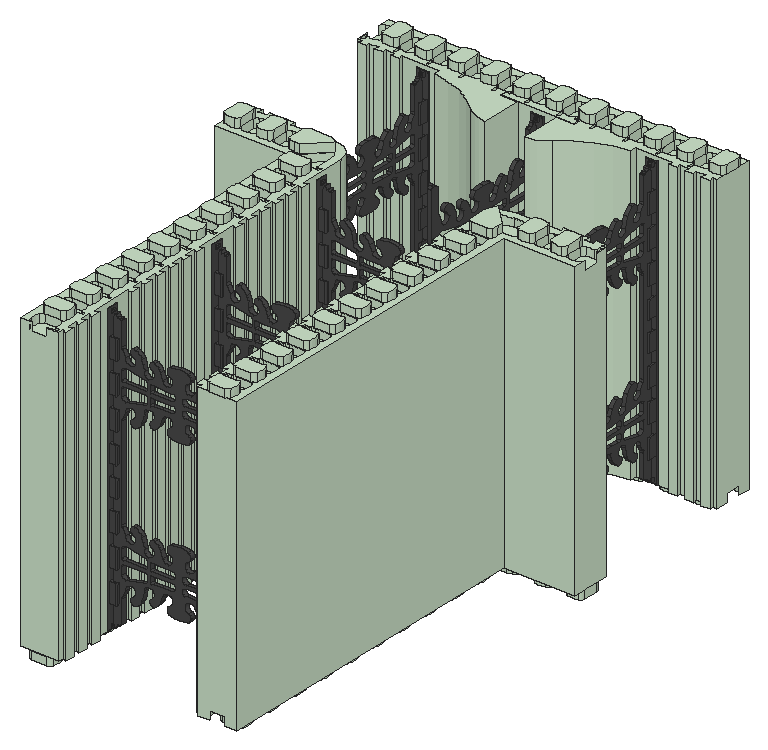
Revit family "ICF- NUDURA 8-inch- Long T Form Unit- Imperial", category Generic Models, Revit 2011 (continued)
Definition of nested family "8-inch Insert Web"
  Forms (in)
    Extrusion 2, solid, material "High Density Polystyrene"
      sketch origin (0, 0, 0) x (0, 1, 0) y (0, 0, 1)
        loop
          line (-4.12543, 17.57204) -> (-4.19457, 17.61045)
          arc (-4.19457, 17.61045) -> (-4.20585, 17.62147) -> (-4.21, 17.63668) r 0.03
          line (-4.21, 17.63668) -> (-4.21, 17.38789)
          arc (-4.21, 17.38789) -> (-4.20374, 17.40241) -> (-4.18889, 17.40785) r 0.02
          line (-4.18889, 17.40785) -> (-4.13111, 17.40464)
          arc (-4.13111, 17.40464) -> (-4.11625, 17.41008) -> (-4.11, 17.42461) r 0.02
          line (-4.11, 17.42461) -> (-4.11, 17.54582)
          arc (-4.11, 17.54582) -> (-4.11414, 17.56103) -> (-4.12543, 17.57204) r 0.03
        loop
          line (-3.5, 17.20772) -> (-3.6, 17.20772) -> (-3.6, 17.2388)
          arc (-3.6, 17.2388) -> (-3.61433, 17.27339) -> (-3.64893, 17.28772) r 0.04893
          line (-3.64893, 17.28772) -> (-3.77609, 17.28772) -> (-3.825, 17.43772)
          arc (-3.825, 17.43772) -> (-3.875, 17.46772) -> (-3.925, 17.43772) r 0.05667
          line (-3.925, 17.43772) -> (-4, 17.20772) -> (-4, 0.53811) -> (-3.925, 0.30811)
          arc (-3.925, 0.30811) -> (-3.875, 0.27811) -> (-3.825, 0.30811) r 0.05667
          line (-3.825, 0.30811) -> (-3.77609, 0.45811) -> (-3.64893, 0.45811)
          arc (-3.64893, 0.45811) -> (-3.61433, 0.47244) -> (-3.6, 0.50703) r 0.04893
          line (-3.6, 0.50703) -> (-3.6, 0.53811) -> (-3.5, 0.53811) -> (-3.5, 1.98988)
          arc (-3.5, 1.98988) -> (-3.48945, 2.05625) -> (-3.45885, 2.11607) r 0.21407
          arc (-3.45885, 2.11607) -> (-3.34445, 2.29893) -> (-3.25724, 2.49621) r 1.51187
          arc (-3.25724, 2.49621) -> (-2.80567, 2.83663) -> (-2.82334, 2.2714) r 0.31353
          arc (-2.82334, 2.2714) -> (-2.94589, 1.98542) -> (-2.65991, 1.86287) r 0.22
          arc (-2.65991, 1.86287) -> (-2.42226, 2.01561) -> (-2.26768, 2.25208) r 0.67666
          arc (-2.26768, 2.25208) -> (-2.17842, 2.56138) -> (-2.13199, 2.87994) r 2.36477
          arc (-2.13199, 2.87994) -> (-1.64652, 3.12692) -> (-1.68105, 2.58333) r 0.31353
          arc (-1.68105, 2.58333) -> (-1.75958, 2.29597) -> (-1.47754, 2.20007) r 0.21738
          arc (-1.47754, 2.20007) -> (-1.27285, 2.35346) -> (-1.13163, 2.56673) r 0.74993
          line (-1.13163, 2.56673) -> (-0.98899, 2.95357)
          arc (-0.98899, 2.95357) -> (-0.48331, 3.1217) -> (-0.55745, 2.59398) r 0.31353
          arc (-0.55745, 2.59398) -> (-0.73367, 2.32998) -> (-0.53434, 2.08295) r 0.26801
          arc (-0.53434, 2.08295) -> (-0.26951, 2.03203) -> (0, 2.02231) r 1.75402
          arc (0, 2.02231) -> (0.26951, 2.03203) -> (0.53434, 2.08295) r 1.75402
          arc (0.53434, 2.08295) -> (0.73367, 2.32998) -> (0.55745, 2.59398) r 0.26801
          arc (0.55745, 2.59398) -> (0.48331, 3.1217) -> (0.98899, 2.95357) r 0.31353
          line (0.98899, 2.95357) -> (1.13163, 2.56673)
          arc (1.13163, 2.56673) -> (1.27285, 2.35346) -> (1.47754, 2.20007) r 0.74993
          arc (1.47754, 2.20007) -> (1.75958, 2.29597) -> (1.68105, 2.58333) r 0.21738
          arc (1.68105, 2.58333) -> (1.64652, 3.12692) -> (2.13199, 2.87994) r 0.31353
          arc (2.13199, 2.87994) -> (2.17842, 2.56138) -> (2.26768, 2.25208) r 2.36477
          arc (2.26768, 2.25208) -> (2.42226, 2.01561) -> (2.65991, 1.86287) r 0.67666
          arc (2.65991, 1.86287) -> (2.94589, 1.98542) -> (2.82334, 2.2714) r 0.22
          arc (2.82334, 2.2714) -> (2.80567, 2.83663) -> (3.25724, 2.49621) r 0.31353
          arc (3.25724, 2.49621) -> (3.34445, 2.29893) -> (3.45885, 2.11607) r 1.51187
          arc (3.45885, 2.11607) -> (3.48945, 2.05625) -> (3.5, 1.98988) r 0.21407
          line (3.5, 1.98988) -> (3.5, 0.53811) -> (3.6, 0.53811) -> (3.6, 0.50703)
          arc (3.6, 0.50703) -> (3.61433, 0.47244) -> (3.64893, 0.45811) r 0.04893
          line (3.64893, 0.45811) -> (3.77609, 0.45811) -> (3.825, 0.30811)
          arc (3.825, 0.30811) -> (3.875, 0.27811) -> (3.925, 0.30811) r 0.05667
          line (3.925, 0.30811) -> (4, 0.53811) -> (4, 17.20772) -> (3.925, 17.43772)
          arc (3.925, 17.43772) -> (3.875, 17.46772) -> (3.825, 17.43772) r 0.05667
          line (3.825, 17.43772) -> (3.77609, 17.28772) -> (3.64893, 17.28772)
          arc (3.64893, 17.28772) -> (3.61433, 17.27339) -> (3.6, 17.2388) r 0.04893
          line (3.6, 17.2388) -> (3.6, 17.20772) -> (3.5, 17.20772) -> (3.5, 15.75595)
          arc (3.5, 15.75595) -> (3.48945, 15.68959) -> (3.45885, 15.62976) r 0.21407
          arc (3.45885, 15.62976) -> (3.34445, 15.4469) -> (3.25724, 15.24962) r 1.51187
          arc (3.25724, 15.24962) -> (2.80567, 14.9092) -> (2.82334, 15.47443) r 0.31353
          arc (2.82334, 15.47443) -> (2.94589, 15.76041) -> (2.65991, 15.88296) r 0.22
          arc (2.65991, 15.88296) -> (2.42226, 15.73022) -> (2.26768, 15.49376) r 0.67666
          arc (2.26768, 15.49376) -> (2.17842, 15.18445) -> (2.13199, 14.86589) r 2.36477
          arc (2.13199, 14.86589) -> (1.64652, 14.61891) -> (1.68105, 15.1625) r 0.31353
          arc (1.68105, 15.1625) -> (1.75958, 15.44986) -> (1.47754, 15.54576) r 0.21738
          arc (1.47754, 15.54576) -> (1.27285, 15.39237) -> (1.13163, 15.1791) r 0.74993
          line (1.13163, 15.1791) -> (0.98899, 14.79226)
          arc (0.98899, 14.79226) -> (0.48331, 14.62413) -> (0.55745, 15.15185) r 0.31353
          arc (0.55745, 15.15185) -> (0.73367, 15.41586) -> (0.53434, 15.66289) r 0.26801
          arc (0.53434, 15.66289) -> (0.26951, 15.7138) -> (0, 15.72352) r 1.75402
          arc (0, 15.72352) -> (-0.26951, 15.7138) -> (-0.53434, 15.66289) r 1.75402
          arc (-0.53434, 15.66289) -> (-0.73367, 15.41586) -> (-0.55745, 15.15185) r 0.26801
          arc (-0.55745, 15.15185) -> (-0.48331, 14.62413) -> (-0.98899, 14.79226) r 0.31353
          line (-0.98899, 14.79226) -> (-1.13163, 15.1791)
          arc (-1.13163, 15.1791) -> (-1.27285, 15.39237) -> (-1.47754, 15.54576) r 0.74993
          arc (-1.47754, 15.54576) -> (-1.75958, 15.44986) -> (-1.68105, 15.1625) r 0.21738
          arc (-1.68105, 15.1625) -> (-1.64652, 14.61891) -> (-2.13199, 14.86589) r 0.31353
          arc (-2.13199, 14.86589) -> (-2.17842, 15.18445) -> (-2.26768, 15.49376) r 2.36477
          arc (-2.26768, 15.49376) -> (-2.42226, 15.73022) -> (-2.65991, 15.88296) r 0.67666
          arc (-2.65991, 15.88296) -> (-2.94589, 15.76041) -> (-2.82334, 15.47443) r 0.22
          arc (-2.82334, 15.47443) -> (-2.80567, 14.9092) -> (-3.25724, 15.24962) r 0.31353
          arc (-3.25724, 15.24962) -> (-3.34445, 15.4469) -> (-3.45885, 15.62976) r 1.51187
          arc (-3.45885, 15.62976) -> (-3.48945, 15.68959) -> (-3.5, 15.75595) r 0.21407
          line (-3.5, 15.75595) -> (-3.5, 17.20772)
        loop
          line (-0.4326, 14.30833) -> (-1.07948, 14.30833)
          arc (-1.07948, 14.30833) -> (-1.36148, 14.32119) -> (-1.641, 14.36065) r 2.98393
          arc (-1.641, 14.36065) -> (-1.72343, 14.33942) -> (-1.75965, 14.2624) r 0.1
          line (-1.75965, 14.2624) -> (-1.75965, 13.93969)
          arc (-1.75965, 13.93969) -> (-1.73036, 13.86898) -> (-1.65965, 13.83969) r 0.1
          line (-1.65965, 13.83969) -> (-0.4326, 13.83969)
          arc (-0.4326, 13.83969) -> (-0.19828, 14.07401) -> (-0.4326, 14.30833) r 0.23432
        loop
          arc (-3.26707, 14.68606) -> (-3.43178, 14.61783) -> (-3.5, 14.45313) r 0.23293
          line (-3.5, 14.45313) -> (-3.5, 13.99143)
          arc (-3.5, 13.99143) -> (-3.45556, 13.88413) -> (-3.34826, 13.83969) r 0.15174
          line (-3.34826, 13.83969) -> (-2.01208, 13.83969)
          arc (-2.01208, 13.83969) -> (-1.94141, 13.869) -> (-1.91215, 13.93969) r 0.1
          line (-1.91215, 13.93969) -> (-1.91215, 14.32445)
          arc (-1.91215, 14.32445) -> (-1.93534, 14.38849) -> (-1.99415, 14.42282) r 0.1
          arc (-1.99415, 14.42282) -> (-2.63213, 14.54712) -> (-3.26707, 14.68606) r 28.25303
        loop
          arc (-2.82334, 12.01745) -> (-2.80567, 12.58268) -> (-3.25724, 12.24227) r 0.31353
          arc (-3.25724, 12.24227) -> (-3.34445, 12.04498) -> (-3.45885, 11.86212) r 1.51187
          arc (-3.45885, 11.86212) -> (-3.48945, 11.8023) -> (-3.5, 11.73593) r 0.21407
          line (-3.5, 11.73593) -> (-3.5, 6.0099)
          arc (-3.5, 6.0099) -> (-3.48945, 5.94354) -> (-3.45885, 5.88371) r 0.21407
          arc (-3.45885, 5.88371) -> (-3.34445, 5.70085) -> (-3.25724, 5.50357) r 1.51187
          arc (-3.25724, 5.50357) -> (-2.80567, 5.16315) -> (-2.82334, 5.72838) r 0.31353
          arc (-2.82334, 5.72838) -> (-2.94589, 6.01436) -> (-2.65991, 6.13691) r 0.22
          arc (-2.65991, 6.13691) -> (-2.42226, 5.98417) -> (-2.26768, 5.74771) r 0.67666
          arc (-2.26768, 5.74771) -> (-2.17842, 5.4384) -> (-2.13199, 5.11984) r 2.36477
          arc (-2.13199, 5.11984) -> (-1.64652, 4.87286) -> (-1.68105, 5.41645) r 0.31353
          arc (-1.68105, 5.41645) -> (-1.75958, 5.70381) -> (-1.47754, 5.79971) r 0.21738
          arc (-1.47754, 5.79971) -> (-1.27285, 5.64632) -> (-1.13163, 5.43305) r 0.74993
          line (-1.13163, 5.43305) -> (-0.98899, 5.04621)
          arc (-0.98899, 5.04621) -> (-0.48331, 4.87808) -> (-0.55745, 5.4058) r 0.31353
          arc (-0.55745, 5.4058) -> (-0.73367, 5.66981) -> (-0.53434, 5.91684) r 0.26801
          arc (-0.53434, 5.91684) -> (-0.26951, 5.96775) -> (0, 5.97747) r 1.75402
          arc (0, 5.97747) -> (0.26951, 5.96775) -> (0.53434, 5.91684) r 1.75402
          arc (0.53434, 5.91684) -> (0.73367, 5.66981) -> (0.55745, 5.4058) r 0.26801
          arc (0.55745, 5.4058) -> (0.48331, 4.87808) -> (0.98899, 5.04621) r 0.31353
          line (0.98899, 5.04621) -> (1.13163, 5.43305)
          arc (1.13163, 5.43305) -> (1.27285, 5.64632) -> (1.47754, 5.79971) r 0.74993
          arc (1.47754, 5.79971) -> (1.75958, 5.70381) -> (1.68105, 5.41645) r 0.21738
          arc (1.68105, 5.41645) -> (1.64652, 4.87286) -> (2.13199, 5.11984) r 0.31353
          arc (2.13199, 5.11984) -> (2.17842, 5.4384) -> (2.26768, 5.74771) r 2.36477
          arc (2.26768, 5.74771) -> (2.42226, 5.98417) -> (2.65991, 6.13691) r 0.67666
          arc (2.65991, 6.13691) -> (2.94589, 6.01436) -> (2.82334, 5.72838) r 0.22
          arc (2.82334, 5.72838) -> (2.80567, 5.16315) -> (3.25724, 5.50357) r 0.31353
          arc (3.25724, 5.50357) -> (3.34445, 5.70085) -> (3.45885, 5.88371) r 1.51187
          arc (3.45885, 5.88371) -> (3.48945, 5.94354) -> (3.5, 6.0099) r 0.21407
          line (3.5, 6.0099) -> (3.5, 11.73593)
          arc (3.5, 11.73593) -> (3.48945, 11.8023) -> (3.45885, 11.86212) r 0.21407
          arc (3.45885, 11.86212) -> (3.34445, 12.04498) -> (3.25724, 12.24227) r 1.51187
          arc (3.25724, 12.24227) -> (2.80567, 12.58268) -> (2.82334, 12.01745) r 0.31353
          arc (2.82334, 12.01745) -> (2.94589, 11.73147) -> (2.65991, 11.60892) r 0.22
          arc (2.65991, 11.60892) -> (2.42226, 11.76166) -> (2.26768, 11.99813) r 0.67666
          arc (2.26768, 11.99813) -> (2.17842, 12.30743) -> (2.13199, 12.62599) r 2.36477
          arc (2.13199, 12.62599) -> (1.64652, 12.87297) -> (1.68105, 12.32938) r 0.31353
          arc (1.68105, 12.32938) -> (1.75958, 12.04202) -> (1.47754, 11.94612) r 0.21738
          arc (1.47754, 11.94612) -> (1.27285, 12.09952) -> (1.13163, 12.31278) r 0.74993
          line (1.13163, 12.31278) -> (0.98899, 12.69962)
          arc (0.98899, 12.69962) -> (0.48331, 12.86775) -> (0.55745, 12.34003) r 0.31353
          arc (0.55745, 12.34003) -> (0.73367, 12.07603) -> (0.53434, 11.829) r 0.26801
          arc (0.53434, 11.829) -> (0.26951, 11.77808) -> (0, 11.76836) r 1.75402
          arc (0, 11.76836) -> (-0.26951, 11.77808) -> (-0.53434, 11.829) r 1.75402
          arc (-0.53434, 11.829) -> (-0.73367, 12.07603) -> (-0.55745, 12.34003) r 0.26801
          arc (-0.55745, 12.34003) -> (-0.48331, 12.86775) -> (-0.98899, 12.69962) r 0.31353
          line (-0.98899, 12.69962) -> (-1.13163, 12.31278)
          arc (-1.13163, 12.31278) -> (-1.27285, 12.09952) -> (-1.47754, 11.94612) r 0.74993
          arc (-1.47754, 11.94612) -> (-1.75958, 12.04202) -> (-1.68105, 12.32938) r 0.21738
          arc (-1.68105, 12.32938) -> (-1.64652, 12.87297) -> (-2.13199, 12.62599) r 0.31353
          arc (-2.13199, 12.62599) -> (-2.17842, 12.30743) -> (-2.26768, 11.99813) r 2.36477
          arc (-2.26768, 11.99813) -> (-2.42226, 11.76166) -> (-2.65991, 11.60892) r 0.67666
          arc (-2.65991, 11.60892) -> (-2.94589, 11.73147) -> (-2.82334, 12.01745) r 0.22
        loop
          arc (-0.4326, 13.18355) -> (-0.19828, 13.41787) -> (-0.4326, 13.65219) r 0.23432
          line (-0.4326, 13.65219) -> (-1.65965, 13.65219)
          arc (-1.65965, 13.65219) -> (-1.73036, 13.6229) -> (-1.75965, 13.55219) r 0.1
          line (-1.75965, 13.55219) -> (-1.75965, 13.22948)
          arc (-1.75965, 13.22948) -> (-1.72343, 13.15246) -> (-1.641, 13.13124) r 0.1
          arc (-1.641, 13.13124) -> (-1.36148, 13.17069) -> (-1.07948, 13.18355) r 2.98393
          line (-1.07948, 13.18355) -> (-0.4326, 13.18355)
        loop
          arc (-3.26707, 12.80583) -> (-2.63213, 12.94476) -> (-1.99415, 13.06906) r 28.25303
          arc (-1.99415, 13.06906) -> (-1.93534, 13.10339) -> (-1.91215, 13.16743) r 0.1
          line (-1.91215, 13.16743) -> (-1.91215, 13.55219)
          arc (-1.91215, 13.55219) -> (-1.94141, 13.62288) -> (-2.01208, 13.65219) r 0.1
          line (-2.01208, 13.65219) -> (-3.34826, 13.65219)
          arc (-3.34826, 13.65219) -> (-3.45556, 13.60775) -> (-3.5, 13.50045) r 0.15174
          line (-3.5, 13.50045) -> (-3.5, 13.03875)
          arc (-3.5, 13.03875) -> (-3.43178, 12.87405) -> (-3.26707, 12.80583) r 0.23293
        loop
          arc (-4.12543, 0.17379) -> (-4.11414, 0.1848) -> (-4.11, 0.20001) r 0.03
          line (-4.11, 0.20001) -> (-4.11, 0.32122)
          arc (-4.11, 0.32122) -> (-4.11625, 0.33575) -> (-4.13111, 0.34119) r 0.02
          line (-4.13111, 0.34119) -> (-4.18889, 0.33798)
          arc (-4.18889, 0.33798) -> (-4.20374, 0.34342) -> (-4.21, 0.35795) r 0.02
          line (-4.21, 0.35795) -> (-4.21, 0.10915)
          arc (-4.21, 0.10915) -> (-4.20585, 0.12437) -> (-4.19457, 0.13538) r 0.03
          line (-4.19457, 0.13538) -> (-4.12543, 0.17379)
        loop
          arc (-0.4326, 3.4375) -> (-0.19828, 3.67182) -> (-0.4326, 3.90614) r 0.23432
          line (-0.4326, 3.90614) -> (-1.65965, 3.90614)
          arc (-1.65965, 3.90614) -> (-1.73036, 3.87685) -> (-1.75965, 3.80614) r 0.1
          line (-1.75965, 3.80614) -> (-1.75965, 3.48343)
          arc (-1.75965, 3.48343) -> (-1.72343, 3.40641) -> (-1.641, 3.38519) r 0.1
          arc (-1.641, 3.38519) -> (-1.36148, 3.42464) -> (-1.07948, 3.4375) r 2.98393
          line (-1.07948, 3.4375) -> (-0.4326, 3.4375)
        loop
          arc (-3.26707, 3.05978) -> (-2.63213, 3.19871) -> (-1.99415, 3.32301) r 28.25303
          arc (-1.99415, 3.32301) -> (-1.93534, 3.35734) -> (-1.91215, 3.42138) r 0.1
          line (-1.91215, 3.42138) -> (-1.91215, 3.80614)
          arc (-1.91215, 3.80614) -> (-1.94141, 3.87683) -> (-2.01208, 3.90614) r 0.1
          line (-2.01208, 3.90614) -> (-3.34826, 3.90614)
          arc (-3.34826, 3.90614) -> (-3.45556, 3.8617) -> (-3.5, 3.7544) r 0.15174
          line (-3.5, 3.7544) -> (-3.5, 3.2927)
          arc (-3.5, 3.2927) -> (-3.43178, 3.128) -> (-3.26707, 3.05978) r 0.23293
        loop
          line (-0.4326, 4.56228) -> (-1.07948, 4.56228)
          arc (-1.07948, 4.56228) -> (-1.36148, 4.57514) -> (-1.641, 4.6146) r 2.98393
          arc (-1.641, 4.6146) -> (-1.72343, 4.59337) -> (-1.75965, 4.51635) r 0.1
          line (-1.75965, 4.51635) -> (-1.75965, 4.19364)
          arc (-1.75965, 4.19364) -> (-1.73036, 4.12293) -> (-1.65965, 4.09364) r 0.1
          line (-1.65965, 4.09364) -> (-0.4326, 4.09364)
          arc (-0.4326, 4.09364) -> (-0.19828, 4.32796) -> (-0.4326, 4.56228) r 0.23432
        loop
          arc (-3.26707, 4.94001) -> (-3.43178, 4.87178) -> (-3.5, 4.70708) r 0.23293
          line (-3.5, 4.70708) -> (-3.5, 4.24538)
          arc (-3.5, 4.24538) -> (-3.45556, 4.13808) -> (-3.34826, 4.09364) r 0.15174
          line (-3.34826, 4.09364) -> (-2.01208, 4.09364)
          arc (-2.01208, 4.09364) -> (-1.94141, 4.12295) -> (-1.91215, 4.19364) r 0.1
          line (-1.91215, 4.19364) -> (-1.91215, 4.5784)
          arc (-1.91215, 4.5784) -> (-1.93534, 4.64244) -> (-1.99415, 4.67677) r 0.1
          arc (-1.99415, 4.67677) -> (-2.63213, 4.80107) -> (-3.26707, 4.94001) r 28.25303
        loop
          arc (4.12543, 17.57204) -> (4.11414, 17.56103) -> (4.11, 17.54582) r 0.03
          line (4.11, 17.54582) -> (4.11, 17.42461)
          arc (4.11, 17.42461) -> (4.11625, 17.41008) -> (4.13111, 17.40464) r 0.02
          line (4.13111, 17.40464) -> (4.18889, 17.40785)
          arc (4.18889, 17.40785) -> (4.20374, 17.40241) -> (4.21, 17.38789) r 0.02
          line (4.21, 17.38789) -> (4.21, 17.63668)
          arc (4.21, 17.63668) -> (4.20585, 17.62147) -> (4.19457, 17.61045) r 0.03
          line (4.19457, 17.61045) -> (4.12543, 17.57204)
        loop
          arc (0.4326, 14.30833) -> (0.19828, 14.07401) -> (0.4326, 13.83969) r 0.23432
          line (0.4326, 13.83969) -> (1.65965, 13.83969)
          arc (1.65965, 13.83969) -> (1.73036, 13.86898) -> (1.75965, 13.93969) r 0.1
          line (1.75965, 13.93969) -> (1.75965, 14.2624)
          arc (1.75965, 14.2624) -> (1.72343, 14.33942) -> (1.641, 14.36065) r 0.1
          arc (1.641, 14.36065) -> (1.36148, 14.32119) -> (1.07948, 14.30833) r 2.98393
          line (1.07948, 14.30833) -> (0.4326, 14.30833)
        loop
          arc (3.26707, 14.68606) -> (2.63213, 14.54712) -> (1.99415, 14.42282) r 28.25303
          arc (1.99415, 14.42282) -> (1.93534, 14.38849) -> (1.91215, 14.32445) r 0.1
          line (1.91215, 14.32445) -> (1.91215, 13.93969)
          arc (1.91215, 13.93969) -> (1.94141, 13.869) -> (2.01208, 13.83969) r 0.1
          line (2.01208, 13.83969) -> (3.34826, 13.83969)
          arc (3.34826, 13.83969) -> (3.45556, 13.88413) -> (3.5, 13.99143) r 0.15174
          line (3.5, 13.99143) -> (3.5, 14.45313)
          arc (3.5, 14.45313) -> (3.43178, 14.61783) -> (3.26707, 14.68606) r 0.23293
        loop
          line (0.4326, 13.18355) -> (1.07948, 13.18355)
          arc (1.07948, 13.18355) -> (1.36148, 13.17069) -> (1.641, 13.13124) r 2.98393
          arc (1.641, 13.13124) -> (1.72343, 13.15246) -> (1.75965, 13.22948) r 0.1
          line (1.75965, 13.22948) -> (1.75965, 13.55219)
          arc (1.75965, 13.55219) -> (1.73036, 13.6229) -> (1.65965, 13.65219) r 0.1
          line (1.65965, 13.65219) -> (0.4326, 13.65219)
          arc (0.4326, 13.65219) -> (0.19828, 13.41787) -> (0.4326, 13.18355) r 0.23432
        loop
          arc (3.26707, 12.80583) -> (3.43178, 12.87405) -> (3.5, 13.03875) r 0.23293
          line (3.5, 13.03875) -> (3.5, 13.50045)
          arc (3.5, 13.50045) -> (3.45556, 13.60775) -> (3.34826, 13.65219) r 0.15174
          line (3.34826, 13.65219) -> (2.01208, 13.65219)
          arc (2.01208, 13.65219) -> (1.94141, 13.62288) -> (1.91215, 13.55219) r 0.1
          line (1.91215, 13.55219) -> (1.91215, 13.16743)
          arc (1.91215, 13.16743) -> (1.93534, 13.10339) -> (1.99415, 13.06906) r 0.1
          arc (1.99415, 13.06906) -> (2.63213, 12.94476) -> (3.26707, 12.80583) r 28.25303
        loop
          line (4.12543, 0.17379) -> (4.19457, 0.13538)
          arc (4.19457, 0.13538) -> (4.20585, 0.12437) -> (4.21, 0.10915) r 0.03
          line (4.21, 0.10915) -> (4.21, 0.35795)
          arc (4.21, 0.35795) -> (4.20374, 0.34342) -> (4.18889, 0.33798) r 0.02
          line (4.18889, 0.33798) -> (4.13111, 0.34119)
          arc (4.13111, 0.34119) -> (4.11625, 0.33575) -> (4.11, 0.32122) r 0.02
          line (4.11, 0.32122) -> (4.11, 0.20001)
          arc (4.11, 0.20001) -> (4.11414, 0.1848) -> (4.12543, 0.17379) r 0.03
        loop
          line (0.4326, 3.4375) -> (1.07948, 3.4375)
          arc (1.07948, 3.4375) -> (1.36148, 3.42464) -> (1.641, 3.38519) r 2.98393
          arc (1.641, 3.38519) -> (1.72343, 3.40641) -> (1.75965, 3.48343) r 0.1
          line (1.75965, 3.48343) -> (1.75965, 3.80614)
          arc (1.75965, 3.80614) -> (1.73036, 3.87685) -> (1.65965, 3.90614) r 0.1
          line (1.65965, 3.90614) -> (0.4326, 3.90614)
          arc (0.4326, 3.90614) -> (0.19828, 3.67182) -> (0.4326, 3.4375) r 0.23432
        loop
          arc (3.26707, 3.05978) -> (3.43178, 3.128) -> (3.5, 3.2927) r 0.23293
          line (3.5, 3.2927) -> (3.5, 3.7544)
          arc (3.5, 3.7544) -> (3.45556, 3.8617) -> (3.34826, 3.90614) r 0.15174
          line (3.34826, 3.90614) -> (2.01208, 3.90614)
          arc (2.01208, 3.90614) -> (1.94141, 3.87683) -> (1.91215, 3.80614) r 0.1
          line (1.91215, 3.80614) -> (1.91215, 3.42138)
          arc (1.91215, 3.42138) -> (1.93534, 3.35734) -> (1.99415, 3.32301) r 0.1
          arc (1.99415, 3.32301) -> (2.63213, 3.19871) -> (3.26707, 3.05978) r 28.25303
        loop
          arc (0.4326, 4.56228) -> (0.19828, 4.32796) -> (0.4326, 4.09364) r 0.23432
          line (0.4326, 4.09364) -> (1.65965, 4.09364)
          arc (1.65965, 4.09364) -> (1.73036, 4.12293) -> (1.75965, 4.19364) r 0.1
          line (1.75965, 4.19364) -> (1.75965, 4.51635)
          arc (1.75965, 4.51635) -> (1.72343, 4.59337) -> (1.641, 4.6146) r 0.1
          arc (1.641, 4.6146) -> (1.36148, 4.57514) -> (1.07948, 4.56228) r 2.98393
          line (1.07948, 4.56228) -> (0.4326, 4.56228)
        loop
          arc (3.26707, 4.94001) -> (2.63213, 4.80107) -> (1.99415, 4.67677) r 28.25303
          arc (1.99415, 4.67677) -> (1.93534, 4.64244) -> (1.91215, 4.5784) r 0.1
          line (1.91215, 4.5784) -> (1.91215, 4.19364)
          arc (1.91215, 4.19364) -> (1.94141, 4.12295) -> (2.01208, 4.09364) r 0.1
          line (2.01208, 4.09364) -> (3.34826, 4.09364)
          arc (3.34826, 4.09364) -> (3.45556, 4.13808) -> (3.5, 4.24538) r 0.15174
          line (3.5, 4.24538) -> (3.5, 4.70708)
          arc (3.5, 4.70708) -> (3.43178, 4.87178) -> (3.26707, 4.94001) r 0.23293
      from 0.125 to -0.125
    Extrusion 3, solid, material "High Density Polystyrene"
      sketch origin (0, 0, 0) x (0, 1, 0) y (0, 0, 1)
        loop
          line (4.21, 16.17792) -> (3.71, 16.17792) -> (3.71, 14.97792) -> (4.21, 14.97792) -> (4.21, 16.17792)
        loop
          line (4.21, 14.22792) -> (3.71, 14.22792) -> (3.71, 13.02792) -> (4.21, 13.02792) -> (4.21, 14.22792)
        loop
          line (4.21, 12.27792) -> (3.71, 12.27792) -> (3.71, 11.07792) -> (4.21, 11.07792) -> (4.21, 12.27792)
        loop
          line (4.21, 10.32792) -> (3.71, 10.32792) -> (3.71, 9.24792) -> (4.21, 9.24792) -> (4.21, 10.32792)
        loop
          line (4.21, 8.49792) -> (3.71, 8.49792) -> (3.71, 7.41792) -> (4.21, 7.41792) -> (4.21, 8.49792)
        loop
          line (4.21, 6.66792) -> (3.71, 6.66792) -> (3.71, 5.46792) -> (4.21, 5.46792) -> (4.21, 6.66792)
        loop
          line (4.21, 4.71792) -> (3.71, 4.71792) -> (3.71, 3.51792) -> (4.21, 3.51792) -> (4.21, 4.71792)
        loop
          line (4.21, 2.76792) -> (3.71, 2.76792) -> (3.71, 1.56792) -> (4.21, 1.56792) -> (4.21, 2.76792)
        loop
          line (-4.21, 16.17792) -> (-4.21, 14.97792) -> (-3.71, 14.97792) -> (-3.71, 16.17792) -> (-4.21, 16.17792)
        loop
          line (-4.21, 14.22792) -> (-4.21, 13.02792) -> (-3.71, 13.02792) -> (-3.71, 14.22792) -> (-4.21, 14.22792)
        loop
          line (-4.21, 12.27792) -> (-4.21, 11.07792) -> (-3.71, 11.07792) -> (-3.71, 12.27792) -> (-4.21, 12.27792)
        loop
          line (-4.21, 10.32792) -> (-4.21, 9.24792) -> (-3.71, 9.24792) -> (-3.71, 10.32792) -> (-4.21, 10.32792)
        loop
          line (-4.21, 8.49792) -> (-4.21, 7.41792) -> (-3.71, 7.41792) -> (-3.71, 8.49792) -> (-4.21, 8.49792)
        loop
          line (-4.21, 6.66792) -> (-4.21, 5.46792) -> (-3.71, 5.46792) -> (-3.71, 6.66792) -> (-4.21, 6.66792)
        loop
          line (-4.21, 4.71792) -> (-4.21, 3.51792) -> (-3.71, 3.51792) -> (-3.71, 4.71792) -> (-4.21, 4.71792)
        loop
          line (-4.21, 2.76792) -> (-4.21, 1.56792) -> (-3.71, 1.56792) -> (-3.71, 2.76792) -> (-4.21, 2.76792)
      from 0.25 to -0.25
    Extrusion 4, void
      sketch origin (0, 1, 0) x (1, 0, 0) y (0, 1, 0)
        loop
          line (-0.25, 2.79249) -> (-0.25, 2.71) -> (-0.1675, 2.71)
          arc (-0.1675, 2.71) -> (-0.22584, 2.73416) -> (-0.25, 2.79249) r 0.0825
      from 0 to 18
    Extrusion 5, void
      sketch origin (0, 1, 0) x (-1, 0, 0) y (0, -1, 0)
        loop
          arc (-0.25, -2.79249) -> (-0.22584, -2.73416) -> (-0.1675, -2.71) r 0.0825
          line (-0.1675, -2.71) -> (-0.25, -2.71) -> (-0.25, -2.79249)
      from 0 to 18
    Extrusion 6, void
      sketch origin (0, -1, 0) x (1, 0, 0) y (0, 1, 0)
        loop
          arc (-0.25, -2.79249) -> (-0.22584, -2.73416) -> (-0.1675, -2.71) r 0.0825
          line (-0.1675, -2.71) -> (-0.25, -2.71) -> (-0.25, -2.79249)
      from 0 to 18
    Extrusion 7, void
      sketch origin (0, -1, 0) x (-1, 0, 0) y (0, -1, 0)
        loop
          line (-0.25, 2.79249) -> (-0.25, 2.71) -> (-0.1675, 2.71)
          arc (-0.1675, 2.71) -> (-0.22584, 2.73416) -> (-0.25, 2.79249) r 0.0825
      from 0 to 18
  Cuts and joins
    Extrusion 4, Extrusion 5, Extrusion 6, Extrusion 7 cuts Extrusion 1
    Extrusion 4, Extrusion 5, Extrusion 6, Extrusion 7 cuts Extrusion 3
Definition of nested family "8-inch Insert Web w One Fastening Strip"
  Reference planes (in)
    plane 1 "Center (Front/Back)": y = 0
    plane 2: z = 0
    plane 3 "Center (Left/Right)": x = 0
  Forms (in)
    Extrusion 1, solid, material "High Density Polystyrene"
      sketch origin (0, 0, 0) x (0, 1, 0) y (0, 0, 1)
        loop
          arc (-4.25, 0) -> (-4.22112, 0.01975) -> (-4.21, 0.05292) r 0.055
          line (-4.21, 0.05292) -> (-4.21, 17.69292)
          arc (-4.21, 17.69292) -> (-4.22112, 17.72608) -> (-4.25, 17.74583) r 0.055
          line (-4.25, 17.74583) -> (-4.25, 0)
      from 0.36328 to -0.36328
    Extrusion 2, solid, material "High Density Polystyrene"
      sketch origin (0, 0, 0) x (0, 1, 0) y (0, 0, 1)
        loop
          line (-4.12543, 17.57204) -> (-4.19457, 17.61045)
          arc (-4.19457, 17.61045) -> (-4.20585, 17.62147) -> (-4.21, 17.63668) r 0.03
          line (-4.21, 17.63668) -> (-4.21, 17.38789)
          arc (-4.21, 17.38789) -> (-4.20374, 17.40241) -> (-4.18889, 17.40785) r 0.02
          line (-4.18889, 17.40785) -> (-4.13111, 17.40464)
          arc (-4.13111, 17.40464) -> (-4.11625, 17.41008) -> (-4.11, 17.42461) r 0.02
          line (-4.11, 17.42461) -> (-4.11, 17.54582)
          arc (-4.11, 17.54582) -> (-4.11414, 17.56103) -> (-4.12543, 17.57204) r 0.03
        loop
          line (-3.5, 17.20772) -> (-3.6, 17.20772) -> (-3.6, 17.2388)
          arc (-3.6, 17.2388) -> (-3.61433, 17.27339) -> (-3.64893, 17.28772) r 0.04893
          line (-3.64893, 17.28772) -> (-3.77609, 17.28772) -> (-3.825, 17.43772)
          arc (-3.825, 17.43772) -> (-3.875, 17.46772) -> (-3.925, 17.43772) r 0.05667
          line (-3.925, 17.43772) -> (-4, 17.20772) -> (-4, 0.53811) -> (-3.925, 0.30811)
          arc (-3.925, 0.30811) -> (-3.875, 0.27811) -> (-3.825, 0.30811) r 0.05667
          line (-3.825, 0.30811) -> (-3.77609, 0.45811) -> (-3.64893, 0.45811)
          arc (-3.64893, 0.45811) -> (-3.61433, 0.47244) -> (-3.6, 0.50703) r 0.04893
          line (-3.6, 0.50703) -> (-3.6, 0.53811) -> (-3.5, 0.53811) -> (-3.5, 1.98988)
          arc (-3.5, 1.98988) -> (-3.48945, 2.05625) -> (-3.45885, 2.11607) r 0.21407
          arc (-3.45885, 2.11607) -> (-3.34445, 2.29893) -> (-3.25724, 2.49621) r 1.51187
          arc (-3.25724, 2.49621) -> (-2.80567, 2.83663) -> (-2.82334, 2.2714) r 0.31353
          arc (-2.82334, 2.2714) -> (-2.94589, 1.98542) -> (-2.65991, 1.86287) r 0.22
          arc (-2.65991, 1.86287) -> (-2.42226, 2.01561) -> (-2.26768, 2.25208) r 0.67666
          arc (-2.26768, 2.25208) -> (-2.17842, 2.56138) -> (-2.13199, 2.87994) r 2.36477
          arc (-2.13199, 2.87994) -> (-1.64652, 3.12692) -> (-1.68105, 2.58333) r 0.31353
          arc (-1.68105, 2.58333) -> (-1.75958, 2.29597) -> (-1.47754, 2.20007) r 0.21738
          arc (-1.47754, 2.20007) -> (-1.27285, 2.35346) -> (-1.13163, 2.56673) r 0.74993
          line (-1.13163, 2.56673) -> (-0.98899, 2.95357)
          arc (-0.98899, 2.95357) -> (-0.48331, 3.1217) -> (-0.55745, 2.59398) r 0.31353
          arc (-0.55745, 2.59398) -> (-0.73367, 2.32998) -> (-0.53434, 2.08295) r 0.26801
          arc (-0.53434, 2.08295) -> (-0.26951, 2.03203) -> (0, 2.02231) r 1.75402
          arc (0, 2.02231) -> (0.26951, 2.03203) -> (0.53434, 2.08295) r 1.75402
          arc (0.53434, 2.08295) -> (0.73367, 2.32998) -> (0.55745, 2.59398) r 0.26801
          arc (0.55745, 2.59398) -> (0.48331, 3.1217) -> (0.98899, 2.95357) r 0.31353
          line (0.98899, 2.95357) -> (1.13163, 2.56673)
          arc (1.13163, 2.56673) -> (1.27285, 2.35346) -> (1.47754, 2.20007) r 0.74993
          arc (1.47754, 2.20007) -> (1.75958, 2.29597) -> (1.68105, 2.58333) r 0.21738
          arc (1.68105, 2.58333) -> (1.64652, 3.12692) -> (2.13199, 2.87994) r 0.31353
          arc (2.13199, 2.87994) -> (2.17842, 2.56138) -> (2.26768, 2.25208) r 2.36477
          arc (2.26768, 2.25208) -> (2.42226, 2.01561) -> (2.65991, 1.86287) r 0.67666
          arc (2.65991, 1.86287) -> (2.94589, 1.98542) -> (2.82334, 2.2714) r 0.22
          arc (2.82334, 2.2714) -> (2.80567, 2.83663) -> (3.25724, 2.49621) r 0.31353
          arc (3.25724, 2.49621) -> (3.34445, 2.29893) -> (3.45885, 2.11607) r 1.51187
          arc (3.45885, 2.11607) -> (3.48945, 2.05625) -> (3.5, 1.98988) r 0.21407
          line (3.5, 1.98988) -> (3.5, 0.53811) -> (3.6, 0.53811) -> (3.6, 0.50703)
          arc (3.6, 0.50703) -> (3.61433, 0.47244) -> (3.64893, 0.45811) r 0.04893
          line (3.64893, 0.45811) -> (3.77609, 0.45811) -> (3.825, 0.30811)
          arc (3.825, 0.30811) -> (3.875, 0.27811) -> (3.925, 0.30811) r 0.05667
          line (3.925, 0.30811) -> (4, 0.53811) -> (4, 17.20772) -> (3.925, 17.43772)
          arc (3.925, 17.43772) -> (3.875, 17.46772) -> (3.825, 17.43772) r 0.05667
          line (3.825, 17.43772) -> (3.77609, 17.28772) -> (3.64893, 17.28772)
          arc (3.64893, 17.28772) -> (3.61433, 17.27339) -> (3.6, 17.2388) r 0.04893
          line (3.6, 17.2388) -> (3.6, 17.20772) -> (3.5, 17.20772) -> (3.5, 15.75595)
          arc (3.5, 15.75595) -> (3.48945, 15.68959) -> (3.45885, 15.62976) r 0.21407
          arc (3.45885, 15.62976) -> (3.34445, 15.4469) -> (3.25724, 15.24962) r 1.51187
          arc (3.25724, 15.24962) -> (2.80567, 14.9092) -> (2.82334, 15.47443) r 0.31353
          arc (2.82334, 15.47443) -> (2.94589, 15.76041) -> (2.65991, 15.88296) r 0.22
          arc (2.65991, 15.88296) -> (2.42226, 15.73022) -> (2.26768, 15.49376) r 0.67666
          arc (2.26768, 15.49376) -> (2.17842, 15.18445) -> (2.13199, 14.86589) r 2.36477
          arc (2.13199, 14.86589) -> (1.64652, 14.61891) -> (1.68105, 15.1625) r 0.31353
          arc (1.68105, 15.1625) -> (1.75958, 15.44986) -> (1.47754, 15.54576) r 0.21738
          arc (1.47754, 15.54576) -> (1.27285, 15.39237) -> (1.13163, 15.1791) r 0.74993
          line (1.13163, 15.1791) -> (0.98899, 14.79226)
          arc (0.98899, 14.79226) -> (0.48331, 14.62413) -> (0.55745, 15.15185) r 0.31353
          arc (0.55745, 15.15185) -> (0.73367, 15.41586) -> (0.53434, 15.66289) r 0.26801
          arc (0.53434, 15.66289) -> (0.26951, 15.7138) -> (0, 15.72352) r 1.75402
          arc (0, 15.72352) -> (-0.26951, 15.7138) -> (-0.53434, 15.66289) r 1.75402
          arc (-0.53434, 15.66289) -> (-0.73367, 15.41586) -> (-0.55745, 15.15185) r 0.26801
          arc (-0.55745, 15.15185) -> (-0.48331, 14.62413) -> (-0.98899, 14.79226) r 0.31353
          line (-0.98899, 14.79226) -> (-1.13163, 15.1791)
          arc (-1.13163, 15.1791) -> (-1.27285, 15.39237) -> (-1.47754, 15.54576) r 0.74993
          arc (-1.47754, 15.54576) -> (-1.75958, 15.44986) -> (-1.68105, 15.1625) r 0.21738
          arc (-1.68105, 15.1625) -> (-1.64652, 14.61891) -> (-2.13199, 14.86589) r 0.31353
          arc (-2.13199, 14.86589) -> (-2.17842, 15.18445) -> (-2.26768, 15.49376) r 2.36477
          arc (-2.26768, 15.49376) -> (-2.42226, 15.73022) -> (-2.65991, 15.88296) r 0.67666
          arc (-2.65991, 15.88296) -> (-2.94589, 15.76041) -> (-2.82334, 15.47443) r 0.22
          arc (-2.82334, 15.47443) -> (-2.80567, 14.9092) -> (-3.25724, 15.24962) r 0.31353
          arc (-3.25724, 15.24962) -> (-3.34445, 15.4469) -> (-3.45885, 15.62976) r 1.51187
          arc (-3.45885, 15.62976) -> (-3.48945, 15.68959) -> (-3.5, 15.75595) r 0.21407
          line (-3.5, 15.75595) -> (-3.5, 17.20772)
        loop
          line (-0.4326, 14.30833) -> (-1.07948, 14.30833)
          arc (-1.07948, 14.30833) -> (-1.36148, 14.32119) -> (-1.641, 14.36065) r 2.98393
          arc (-1.641, 14.36065) -> (-1.72343, 14.33942) -> (-1.75965, 14.2624) r 0.1
          line (-1.75965, 14.2624) -> (-1.75965, 13.93969)
          arc (-1.75965, 13.93969) -> (-1.73036, 13.86898) -> (-1.65965, 13.83969) r 0.1
          line (-1.65965, 13.83969) -> (-0.4326, 13.83969)
          arc (-0.4326, 13.83969) -> (-0.19828, 14.07401) -> (-0.4326, 14.30833) r 0.23432
        loop
          arc (-3.26707, 14.68606) -> (-3.43178, 14.61783) -> (-3.5, 14.45313) r 0.23293
          line (-3.5, 14.45313) -> (-3.5, 13.99143)
          arc (-3.5, 13.99143) -> (-3.45556, 13.88413) -> (-3.34826, 13.83969) r 0.15174
          line (-3.34826, 13.83969) -> (-2.01208, 13.83969)
          arc (-2.01208, 13.83969) -> (-1.94141, 13.869) -> (-1.91215, 13.93969) r 0.1
          line (-1.91215, 13.93969) -> (-1.91215, 14.32445)
          arc (-1.91215, 14.32445) -> (-1.93534, 14.38849) -> (-1.99415, 14.42282) r 0.1
          arc (-1.99415, 14.42282) -> (-2.63213, 14.54712) -> (-3.26707, 14.68606) r 28.25303
        loop
          arc (-2.82334, 12.01745) -> (-2.80567, 12.58268) -> (-3.25724, 12.24227) r 0.31353
          arc (-3.25724, 12.24227) -> (-3.34445, 12.04498) -> (-3.45885, 11.86212) r 1.51187
          arc (-3.45885, 11.86212) -> (-3.48945, 11.8023) -> (-3.5, 11.73593) r 0.21407
          line (-3.5, 11.73593) -> (-3.5, 6.0099)
          arc (-3.5, 6.0099) -> (-3.48945, 5.94354) -> (-3.45885, 5.88371) r 0.21407
          arc (-3.45885, 5.88371) -> (-3.34445, 5.70085) -> (-3.25724, 5.50357) r 1.51187
          arc (-3.25724, 5.50357) -> (-2.80567, 5.16315) -> (-2.82334, 5.72838) r 0.31353
          arc (-2.82334, 5.72838) -> (-2.94589, 6.01436) -> (-2.65991, 6.13691) r 0.22
          arc (-2.65991, 6.13691) -> (-2.42226, 5.98417) -> (-2.26768, 5.74771) r 0.67666
          arc (-2.26768, 5.74771) -> (-2.17842, 5.4384) -> (-2.13199, 5.11984) r 2.36477
          arc (-2.13199, 5.11984) -> (-1.64652, 4.87286) -> (-1.68105, 5.41645) r 0.31353
          arc (-1.68105, 5.41645) -> (-1.75958, 5.70381) -> (-1.47754, 5.79971) r 0.21738
          arc (-1.47754, 5.79971) -> (-1.27285, 5.64632) -> (-1.13163, 5.43305) r 0.74993
          line (-1.13163, 5.43305) -> (-0.98899, 5.04621)
          arc (-0.98899, 5.04621) -> (-0.48331, 4.87808) -> (-0.55745, 5.4058) r 0.31353
          arc (-0.55745, 5.4058) -> (-0.73367, 5.66981) -> (-0.53434, 5.91684) r 0.26801
          arc (-0.53434, 5.91684) -> (-0.26951, 5.96775) -> (0, 5.97747) r 1.75402
          arc (0, 5.97747) -> (0.26951, 5.96775) -> (0.53434, 5.91684) r 1.75402
          arc (0.53434, 5.91684) -> (0.73367, 5.66981) -> (0.55745, 5.4058) r 0.26801
          arc (0.55745, 5.4058) -> (0.48331, 4.87808) -> (0.98899, 5.04621) r 0.31353
          line (0.98899, 5.04621) -> (1.13163, 5.43305)
          arc (1.13163, 5.43305) -> (1.27285, 5.64632) -> (1.47754, 5.79971) r 0.74993
          arc (1.47754, 5.79971) -> (1.75958, 5.70381) -> (1.68105, 5.41645) r 0.21738
          arc (1.68105, 5.41645) -> (1.64652, 4.87286) -> (2.13199, 5.11984) r 0.31353
          arc (2.13199, 5.11984) -> (2.17842, 5.4384) -> (2.26768, 5.74771) r 2.36477
          arc (2.26768, 5.74771) -> (2.42226, 5.98417) -> (2.65991, 6.13691) r 0.67666
          arc (2.65991, 6.13691) -> (2.94589, 6.01436) -> (2.82334, 5.72838) r 0.22
          arc (2.82334, 5.72838) -> (2.80567, 5.16315) -> (3.25724, 5.50357) r 0.31353
          arc (3.25724, 5.50357) -> (3.34445, 5.70085) -> (3.45885, 5.88371) r 1.51187
          arc (3.45885, 5.88371) -> (3.48945, 5.94354) -> (3.5, 6.0099) r 0.21407
          line (3.5, 6.0099) -> (3.5, 11.73593)
          arc (3.5, 11.73593) -> (3.48945, 11.8023) -> (3.45885, 11.86212) r 0.21407
          arc (3.45885, 11.86212) -> (3.34445, 12.04498) -> (3.25724, 12.24227) r 1.51187
          arc (3.25724, 12.24227) -> (2.80567, 12.58268) -> (2.82334, 12.01745) r 0.31353
          arc (2.82334, 12.01745) -> (2.94589, 11.73147) -> (2.65991, 11.60892) r 0.22
          arc (2.65991, 11.60892) -> (2.42226, 11.76166) -> (2.26768, 11.99813) r 0.67666
          arc (2.26768, 11.99813) -> (2.17842, 12.30743) -> (2.13199, 12.62599) r 2.36477
          arc (2.13199, 12.62599) -> (1.64652, 12.87297) -> (1.68105, 12.32938) r 0.31353
          arc (1.68105, 12.32938) -> (1.75958, 12.04202) -> (1.47754, 11.94612) r 0.21738
          arc (1.47754, 11.94612) -> (1.27285, 12.09952) -> (1.13163, 12.31278) r 0.74993
          line (1.13163, 12.31278) -> (0.98899, 12.69962)
          arc (0.98899, 12.69962) -> (0.48331, 12.86775) -> (0.55745, 12.34003) r 0.31353
          arc (0.55745, 12.34003) -> (0.73367, 12.07603) -> (0.53434, 11.829) r 0.26801
          arc (0.53434, 11.829) -> (0.26951, 11.77808) -> (0, 11.76836) r 1.75402
          arc (0, 11.76836) -> (-0.26951, 11.77808) -> (-0.53434, 11.829) r 1.75402
          arc (-0.53434, 11.829) -> (-0.73367, 12.07603) -> (-0.55745, 12.34003) r 0.26801
          arc (-0.55745, 12.34003) -> (-0.48331, 12.86775) -> (-0.98899, 12.69962) r 0.31353
          line (-0.98899, 12.69962) -> (-1.13163, 12.31278)
          arc (-1.13163, 12.31278) -> (-1.27285, 12.09952) -> (-1.47754, 11.94612) r 0.74993
          arc (-1.47754, 11.94612) -> (-1.75958, 12.04202) -> (-1.68105, 12.32938) r 0.21738
          arc (-1.68105, 12.32938) -> (-1.64652, 12.87297) -> (-2.13199, 12.62599) r 0.31353
          arc (-2.13199, 12.62599) -> (-2.17842, 12.30743) -> (-2.26768, 11.99813) r 2.36477
          arc (-2.26768, 11.99813) -> (-2.42226, 11.76166) -> (-2.65991, 11.60892) r 0.67666
          arc (-2.65991, 11.60892) -> (-2.94589, 11.73147) -> (-2.82334, 12.01745) r 0.22
        loop
          arc (-0.4326, 13.18355) -> (-0.19828, 13.41787) -> (-0.4326, 13.65219) r 0.23432
          line (-0.4326, 13.65219) -> (-1.65965, 13.65219)
          arc (-1.65965, 13.65219) -> (-1.73036, 13.6229) -> (-1.75965, 13.55219) r 0.1
          line (-1.75965, 13.55219) -> (-1.75965, 13.22948)
          arc (-1.75965, 13.22948) -> (-1.72343, 13.15246) -> (-1.641, 13.13124) r 0.1
          arc (-1.641, 13.13124) -> (-1.36148, 13.17069) -> (-1.07948, 13.18355) r 2.98393
          line (-1.07948, 13.18355) -> (-0.4326, 13.18355)
        loop
          arc (-3.26707, 12.80583) -> (-2.63213, 12.94476) -> (-1.99415, 13.06906) r 28.25303
          arc (-1.99415, 13.06906) -> (-1.93534, 13.10339) -> (-1.91215, 13.16743) r 0.1
          line (-1.91215, 13.16743) -> (-1.91215, 13.55219)
          arc (-1.91215, 13.55219) -> (-1.94141, 13.62288) -> (-2.01208, 13.65219) r 0.1
          line (-2.01208, 13.65219) -> (-3.34826, 13.65219)
          arc (-3.34826, 13.65219) -> (-3.45556, 13.60775) -> (-3.5, 13.50045) r 0.15174
          line (-3.5, 13.50045) -> (-3.5, 13.03875)
          arc (-3.5, 13.03875) -> (-3.43178, 12.87405) -> (-3.26707, 12.80583) r 0.23293
        loop
          arc (-4.12543, 0.17379) -> (-4.11414, 0.1848) -> (-4.11, 0.20001) r 0.03
          line (-4.11, 0.20001) -> (-4.11, 0.32122)
          arc (-4.11, 0.32122) -> (-4.11625, 0.33575) -> (-4.13111, 0.34119) r 0.02
          line (-4.13111, 0.34119) -> (-4.18889, 0.33798)
          arc (-4.18889, 0.33798) -> (-4.20374, 0.34342) -> (-4.21, 0.35795) r 0.02
          line (-4.21, 0.35795) -> (-4.21, 0.10915)
          arc (-4.21, 0.10915) -> (-4.20585, 0.12437) -> (-4.19457, 0.13538) r 0.03
          line (-4.19457, 0.13538) -> (-4.12543, 0.17379)
        loop
          arc (-0.4326, 3.4375) -> (-0.19828, 3.67182) -> (-0.4326, 3.90614) r 0.23432
          line (-0.4326, 3.90614) -> (-1.65965, 3.90614)
          arc (-1.65965, 3.90614) -> (-1.73036, 3.87685) -> (-1.75965, 3.80614) r 0.1
          line (-1.75965, 3.80614) -> (-1.75965, 3.48343)
          arc (-1.75965, 3.48343) -> (-1.72343, 3.40641) -> (-1.641, 3.38519) r 0.1
          arc (-1.641, 3.38519) -> (-1.36148, 3.42464) -> (-1.07948, 3.4375) r 2.98393
          line (-1.07948, 3.4375) -> (-0.4326, 3.4375)
        loop
          arc (-3.26707, 3.05978) -> (-2.63213, 3.19871) -> (-1.99415, 3.32301) r 28.25303
          arc (-1.99415, 3.32301) -> (-1.93534, 3.35734) -> (-1.91215, 3.42138) r 0.1
          line (-1.91215, 3.42138) -> (-1.91215, 3.80614)
          arc (-1.91215, 3.80614) -> (-1.94141, 3.87683) -> (-2.01208, 3.90614) r 0.1
          line (-2.01208, 3.90614) -> (-3.34826, 3.90614)
          arc (-3.34826, 3.90614) -> (-3.45556, 3.8617) -> (-3.5, 3.7544) r 0.15174
          line (-3.5, 3.7544) -> (-3.5, 3.2927)
          arc (-3.5, 3.2927) -> (-3.43178, 3.128) -> (-3.26707, 3.05978) r 0.23293
        loop
          line (-0.4326, 4.56228) -> (-1.07948, 4.56228)
          arc (-1.07948, 4.56228) -> (-1.36148, 4.57514) -> (-1.641, 4.6146) r 2.98393
          arc (-1.641, 4.6146) -> (-1.72343, 4.59337) -> (-1.75965, 4.51635) r 0.1
          line (-1.75965, 4.51635) -> (-1.75965, 4.19364)
          arc (-1.75965, 4.19364) -> (-1.73036, 4.12293) -> (-1.65965, 4.09364) r 0.1
          line (-1.65965, 4.09364) -> (-0.4326, 4.09364)
          arc (-0.4326, 4.09364) -> (-0.19828, 4.32796) -> (-0.4326, 4.56228) r 0.23432
        loop
          arc (-3.26707, 4.94001) -> (-3.43178, 4.87178) -> (-3.5, 4.70708) r 0.23293
          line (-3.5, 4.70708) -> (-3.5, 4.24538)
          arc (-3.5, 4.24538) -> (-3.45556, 4.13808) -> (-3.34826, 4.09364) r 0.15174
          line (-3.34826, 4.09364) -> (-2.01208, 4.09364)
          arc (-2.01208, 4.09364) -> (-1.94141, 4.12295) -> (-1.91215, 4.19364) r 0.1
          line (-1.91215, 4.19364) -> (-1.91215, 4.5784)
          arc (-1.91215, 4.5784) -> (-1.93534, 4.64244) -> (-1.99415, 4.67677) r 0.1
          arc (-1.99415, 4.67677) -> (-2.63213, 4.80107) -> (-3.26707, 4.94001) r 28.25303
        loop
          arc (0.4326, 14.30833) -> (0.19828, 14.07401) -> (0.4326, 13.83969) r 0.23432
          line (0.4326, 13.83969) -> (1.65965, 13.83969)
          arc (1.65965, 13.83969) -> (1.73036, 13.86898) -> (1.75965, 13.93969) r 0.1
          line (1.75965, 13.93969) -> (1.75965, 14.2624)
          arc (1.75965, 14.2624) -> (1.72343, 14.33942) -> (1.641, 14.36065) r 0.1
          arc (1.641, 14.36065) -> (1.36148, 14.32119) -> (1.07948, 14.30833) r 2.98393
          line (1.07948, 14.30833) -> (0.4326, 14.30833)
        loop
          arc (3.26707, 14.68606) -> (2.63213, 14.54712) -> (1.99415, 14.42282) r 28.25303
          arc (1.99415, 14.42282) -> (1.93534, 14.38849) -> (1.91215, 14.32445) r 0.1
          line (1.91215, 14.32445) -> (1.91215, 13.93969)
          arc (1.91215, 13.93969) -> (1.94141, 13.869) -> (2.01208, 13.83969) r 0.1
          line (2.01208, 13.83969) -> (3.34826, 13.83969)
          arc (3.34826, 13.83969) -> (3.45556, 13.88413) -> (3.5, 13.99143) r 0.15174
          line (3.5, 13.99143) -> (3.5, 14.45313)
          arc (3.5, 14.45313) -> (3.43178, 14.61783) -> (3.26707, 14.68606) r 0.23293
        loop
          line (0.4326, 13.18355) -> (1.07948, 13.18355)
          arc (1.07948, 13.18355) -> (1.36148, 13.17069) -> (1.641, 13.13124) r 2.98393
          arc (1.641, 13.13124) -> (1.72343, 13.15246) -> (1.75965, 13.22948) r 0.1
          line (1.75965, 13.22948) -> (1.75965, 13.55219)
          arc (1.75965, 13.55219) -> (1.73036, 13.6229) -> (1.65965, 13.65219) r 0.1
          line (1.65965, 13.65219) -> (0.4326, 13.65219)
          arc (0.4326, 13.65219) -> (0.19828, 13.41787) -> (0.4326, 13.18355) r 0.23432
        loop
          arc (3.26707, 12.80583) -> (3.43178, 12.87405) -> (3.5, 13.03875) r 0.23293
          line (3.5, 13.03875) -> (3.5, 13.50045)
          arc (3.5, 13.50045) -> (3.45556, 13.60775) -> (3.34826, 13.65219) r 0.15174
          line (3.34826, 13.65219) -> (2.01208, 13.65219)
          arc (2.01208, 13.65219) -> (1.94141, 13.62288) -> (1.91215, 13.55219) r 0.1
          line (1.91215, 13.55219) -> (1.91215, 13.16743)
          arc (1.91215, 13.16743) -> (1.93534, 13.10339) -> (1.99415, 13.06906) r 0.1
          arc (1.99415, 13.06906) -> (2.63213, 12.94476) -> (3.26707, 12.80583) r 28.25303
        loop
          line (0.4326, 3.4375) -> (1.07948, 3.4375)
          arc (1.07948, 3.4375) -> (1.36148, 3.42464) -> (1.641, 3.38519) r 2.98393
          arc (1.641, 3.38519) -> (1.72343, 3.40641) -> (1.75965, 3.48343) r 0.1
          line (1.75965, 3.48343) -> (1.75965, 3.80614)
          arc (1.75965, 3.80614) -> (1.73036, 3.87685) -> (1.65965, 3.90614) r 0.1
          line (1.65965, 3.90614) -> (0.4326, 3.90614)
          arc (0.4326, 3.90614) -> (0.19828, 3.67182) -> (0.4326, 3.4375) r 0.23432
        loop
          arc (3.26707, 3.05978) -> (3.43178, 3.128) -> (3.5, 3.2927) r 0.23293
          line (3.5, 3.2927) -> (3.5, 3.7544)
          arc (3.5, 3.7544) -> (3.45556, 3.8617) -> (3.34826, 3.90614) r 0.15174
          line (3.34826, 3.90614) -> (2.01208, 3.90614)
          arc (2.01208, 3.90614) -> (1.94141, 3.87683) -> (1.91215, 3.80614) r 0.1
          line (1.91215, 3.80614) -> (1.91215, 3.42138)
          arc (1.91215, 3.42138) -> (1.93534, 3.35734) -> (1.99415, 3.32301) r 0.1
          arc (1.99415, 3.32301) -> (2.63213, 3.19871) -> (3.26707, 3.05978) r 28.25303
        loop
          arc (0.4326, 4.56228) -> (0.19828, 4.32796) -> (0.4326, 4.09364) r 0.23432
          line (0.4326, 4.09364) -> (1.65965, 4.09364)
          arc (1.65965, 4.09364) -> (1.73036, 4.12293) -> (1.75965, 4.19364) r 0.1
          line (1.75965, 4.19364) -> (1.75965, 4.51635)
          arc (1.75965, 4.51635) -> (1.72343, 4.59337) -> (1.641, 4.6146) r 0.1
          arc (1.641, 4.6146) -> (1.36148, 4.57514) -> (1.07948, 4.56228) r 2.98393
          line (1.07948, 4.56228) -> (0.4326, 4.56228)
        loop
          arc (3.26707, 4.94001) -> (2.63213, 4.80107) -> (1.99415, 4.67677) r 28.25303
          arc (1.99415, 4.67677) -> (1.93534, 4.64244) -> (1.91215, 4.5784) r 0.1
          line (1.91215, 4.5784) -> (1.91215, 4.19364)
          arc (1.91215, 4.19364) -> (1.94141, 4.12295) -> (2.01208, 4.09364) r 0.1
          line (2.01208, 4.09364) -> (3.34826, 4.09364)
          arc (3.34826, 4.09364) -> (3.45556, 4.13808) -> (3.5, 4.24538) r 0.15174
          line (3.5, 4.24538) -> (3.5, 4.70708)
          arc (3.5, 4.70708) -> (3.43178, 4.87178) -> (3.26707, 4.94001) r 0.23293
      from 0.125 to -0.125
    Extrusion 3, solid, material "High Density Polystyrene"
      sketch origin (0, 0, 0) x (0, 1, 0) y (0, 0, 1)
        loop
          line (-4.21, 16.17792) -> (-4.21, 14.97792) -> (-3.71, 14.97792) -> (-3.71, 16.17792) -> (-4.21, 16.17792)
        loop
          line (-4.21, 14.22792) -> (-4.21, 13.02792) -> (-3.71, 13.02792) -> (-3.71, 14.22792) -> (-4.21, 14.22792)
        loop
          line (-4.21, 12.27792) -> (-4.21, 11.07792) -> (-3.71, 11.07792) -> (-3.71, 12.27792) -> (-4.21, 12.27792)
        loop
          line (-4.21, 10.32792) -> (-4.21, 9.24792) -> (-3.71, 9.24792) -> (-3.71, 10.32792) -> (-4.21, 10.32792)
        loop
          line (-4.21, 8.49792) -> (-4.21, 7.41792) -> (-3.71, 7.41792) -> (-3.71, 8.49792) -> (-4.21, 8.49792)
        loop
          line (-4.21, 6.66792) -> (-4.21, 5.46792) -> (-3.71, 5.46792) -> (-3.71, 6.66792) -> (-4.21, 6.66792)
        loop
          line (-4.21, 4.71792) -> (-4.21, 3.51792) -> (-3.71, 3.51792) -> (-3.71, 4.71792) -> (-4.21, 4.71792)
        loop
          line (-4.21, 2.76792) -> (-4.21, 1.56792) -> (-3.71, 1.56792) -> (-3.71, 2.76792) -> (-4.21, 2.76792)
      from 0.25 to -0.25
    Extrusion 4, void
      sketch origin (0, -1, 0) x (1, 0, 0) y (0, 1, 0)
        loop
          arc (-0.25, -2.79249) -> (-0.22584, -2.73416) -> (-0.1675, -2.71) r 0.0825
          line (-0.1675, -2.71) -> (-0.25, -2.71) -> (-0.25, -2.79249)
      from 0 to 18
    Extrusion 5, void
      sketch origin (0, -1, 0) x (-1, 0, 0) y (0, -1, 0)
        loop
          line (-0.25, 2.79249) -> (-0.25, 2.71) -> (-0.1675, 2.71)
          arc (-0.1675, 2.71) -> (-0.22584, 2.73416) -> (-0.25, 2.79249) r 0.0825
      from 0 to 18
  Cuts and joins
    Extrusion 4, Extrusion 5 cuts Extrusion 1
    Extrusion 4, Extrusion 5 cuts Extrusion 3
Definition of nested family "NUDURA Diamond Pattern"
  Reference planes (in)
    plane 1 "Center (Front/Back)": y = 0
    plane 2: z = 0
    plane 3 "Center (Left/Right)": x = 0
    plane 4: z = 18
  Lines and regions (in)
    model lines
      curve 1: line (8, -5.625, 18) -> (8, -5.625, 0)
      curve 2: line (6, -5.625, 18) -> (6, -5.625, 0)
      curve 3: line (2, -5.625, 18) -> (2, -5.625, 0)
      curve 4: line (3.35367, -5.625, 16.98484) -> (3.69709, -5.625, 16.64142)
      curve 5: arc (3.35367, -5.625, 17.51517) -> (3.24384, -5.625, 17.25) -> (3.35367, -5.625, 16.98484) r 0.375
      curve 6: line (3.72867, -5.625, 17.89017) -> (3.35367, -5.625, 17.51517)
      curve 7: arc (4.259, -5.625, 17.89017) -> (3.99384, -5.625, 18) -> (3.72867, -5.625, 17.89017) r 0.375
      curve 8: line (4.634, -5.625, 17.51517) -> (4.259, -5.625, 17.89017)
      curve 9: arc (4.634, -5.625, 16.98484) -> (4.74384, -5.625, 17.25) -> (4.634, -5.625, 17.51517) r 0.375
      curve 10: line (4.29059, -5.625, 16.64142) -> (4.634, -5.625, 16.98484)
      curve 11: arc (4.17062, -5.625, 17.80178) -> (3.99384, -5.625, 17.875) -> (3.81706, -5.625, 17.80178) r 0.25
      curve 12: line (4.54562, -5.625, 17.42678) -> (4.17062, -5.625, 17.80178)
      curve 13: arc (4.54562, -5.625, 17.07322) -> (4.61884, -5.625, 17.25) -> (4.54562, -5.625, 17.42678) r 0.25
      curve 14: line (4.17062, -5.625, 16.69822) -> (4.54562, -5.625, 17.07322)
      curve 15: arc (3.81706, -5.625, 16.69822) -> (3.99384, -5.625, 16.625) -> (4.17062, -5.625, 16.69822) r 0.25
      curve 16: line (3.44206, -5.625, 17.07322) -> (3.81706, -5.625, 16.69822)
      curve 17: arc (3.44206, -5.625, 17.42678) -> (3.36884, -5.625, 17.25) -> (3.44206, -5.625, 17.07322) r 0.25
      curve 18: line (3.81706, -5.625, 17.80178) -> (3.44206, -5.625, 17.42678)
      curve 19: arc (3.69709, -5.625, 16.35858) -> (3.75567, -5.625, 16.5) -> (3.69709, -5.625, 16.64142) r 0.2
      curve 20: line (4.634, -5.625, 16.01517) -> (4.29059, -5.625, 16.35858)
      curve 21: arc (4.634, -5.625, 15.48484) -> (4.74384, -5.625, 15.75) -> (4.634, -5.625, 16.01517) r 0.375
      curve 22: line (4.29059, -5.625, 15.14142) -> (4.634, -5.625, 15.48484)
      curve 23: line (3.35367, -5.625, 15.48484) -> (3.69709, -5.625, 15.14142)
      curve 24: arc (3.35367, -5.625, 16.01517) -> (3.24384, -5.625, 15.75) -> (3.35367, -5.625, 15.48484) r 0.375
      curve 25: line (3.69709, -5.625, 16.35858) -> (3.35367, -5.625, 16.01517)
      curve 26: arc (4.17062, -5.625, 16.30178) -> (3.99384, -5.625, 16.375) -> (3.81706, -5.625, 16.30178) r 0.25
      curve 27: line (3.81706, -5.625, 16.30178) -> (3.44206, -5.625, 15.92678)
      curve 28: arc (3.44206, -5.625, 15.92678) -> (3.36884, -5.625, 15.75) -> (3.44206, -5.625, 15.57322) r 0.25
      curve 29: line (3.44206, -5.625, 15.57322) -> (3.81706, -5.625, 15.19822)
      curve 30: arc (3.81706, -5.625, 15.19822) -> (3.99384, -5.625, 15.125) -> (4.17062, -5.625, 15.19822) r 0.25
      curve 31: line (4.17062, -5.625, 15.19822) -> (4.54562, -5.625, 15.57322)
      curve 32: arc (4.54562, -5.625, 15.57322) -> (4.61884, -5.625, 15.75) -> (4.54562, -5.625, 15.92678) r 0.25
      curve 33: line (4.54562, -5.625, 15.92678) -> (4.17062, -5.625, 16.30178)
      curve 34: arc (3.69709, -5.625, 14.85858) -> (3.75567, -5.625, 15) -> (3.69709, -5.625, 15.14142) r 0.2
      curve 35: line (4.634, -5.625, 14.51517) -> (4.29059, -5.625, 14.85858)
      curve 36: arc (4.634, -5.625, 13.98484) -> (4.74384, -5.625, 14.25) -> (4.634, -5.625, 14.51517) r 0.375
      curve 37: line (4.29059, -5.625, 13.64142) -> (4.634, -5.625, 13.98484)
      curve 38: line (3.35367, -5.625, 13.98484) -> (3.69709, -5.625, 13.64142)
      curve 39: arc (3.35367, -5.625, 14.51517) -> (3.24384, -5.625, 14.25) -> (3.35367, -5.625, 13.98484) r 0.375
      curve 40: line (3.69709, -5.625, 14.85858) -> (3.35367, -5.625, 14.51517)
      curve 41: arc (4.17062, -5.625, 14.80178) -> (3.99384, -5.625, 14.875) -> (3.81706, -5.625, 14.80178) r 0.25
      curve 42: line (3.81706, -5.625, 14.80178) -> (3.44206, -5.625, 14.42678)
      curve 43: arc (3.44206, -5.625, 14.42678) -> (3.36884, -5.625, 14.25) -> (3.44206, -5.625, 14.07322) r 0.25
      curve 44: line (3.44206, -5.625, 14.07322) -> (3.81706, -5.625, 13.69822)
      curve 45: arc (3.81706, -5.625, 13.69822) -> (3.99384, -5.625, 13.625) -> (4.17062, -5.625, 13.69822) r 0.25
